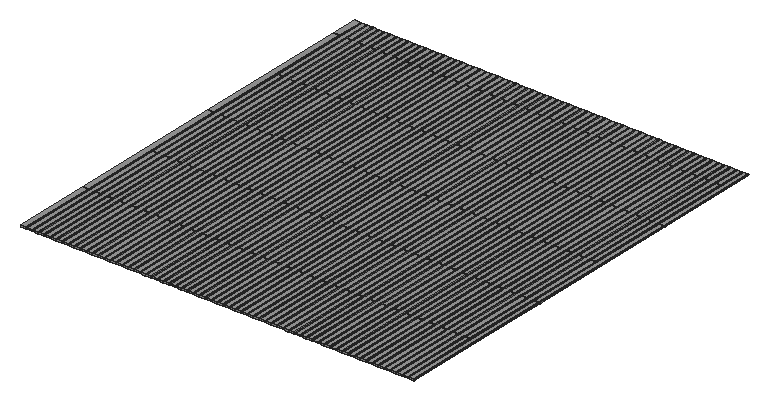
Revit family "2414-4, Veneer", category Generic Models, host Ceiling, Revit 2020
Family settings
  Host = Ceiling
  Can host rebar = No
  Round Connector Dimension = Use Diameter
  Part Type = Normal
  Always vertical = Yes
  Cut with Voids When Loaded = No
  Shared = No
  Room Calculation Point = No
Parameters
  OC SPACING [instance] = .. MEMBER WIDTH - 0' 0 1/4" - 0' 0 3/256"  # 0' - 2 189/256"
  PROJECT WIDTH [instance] = 15' - 0"
  PROJECT LENGTH [instance] = 16' - 0"
  PANELS COUNT 2 [instance] = rounddown((PROJECT LENGTH - .. MEMBER LENGTH 3) / .. MEMBER LENGTH 2)  # 2
  PANELS COUNT [instance] = rounddown(PROJECT LENGTH / .. MEMBER LENGTH 2)  # 2
  MEMBER WIDTH COUNT 2 [instance] = (PROJECT WIDTH / OC SPACING) / 2  # 33
  .. MEMBER WIDTH COUNT [instance] = (PROJECT WIDTH / OC SPACING) / 2  # 33
  .. MEMBER MATERIAL [instance] = Solid Western Hemlock
  .. MEMBER LENGTH 4 [instance] = ((PROJECT LENGTH - .. MEMBER LENGTH 3) - (PANELS COUNT 2 * .. MEMBER LENGTH 2))  # 1' - 0"
  .. MEMBER LENGTH 3 [instance] = .. MEMBER LENGTH 2 / 2  # 3' - 0"
  Default Elevation = 0' - 0"
  .. MEMBER WIDTH [instance] = 0' - 3"  # constant formula
  .. MEMBER LENGTH 2 [instance] = 6' - 0"
  .. MEMBER LENGTH [instance] = PROJECT LENGTH - (PANELS COUNT * .. MEMBER LENGTH 2)  # 4' - 0"
  .. MEMBER DEPTH [instance] = 0' - 0 3/4"  # constant formula
Reference planes (in)
  plane 1 "Center (Front/Back)": y = 0
  plane 2 "Ceiling": z = 96
  plane 3 "Center (Left/Right)": x = 0
  plane 4: y = 72
  plane 5: y = 144
  plane 6: y = 108
  plane 7: y = 36
  plane 8: y = 192
  plane 9: y = 144
  plane 10: y = 180
  plane 11: x = 180
  plane 12: x = 2.73828
Dimensions and locks (in)
  equal spacing: host sketch curve, plane 3 "Center (Left/Right)", host sketch curve
  equal spacing: host sketch curve, plane 1 "Center (Front/Back)", host sketch curve
  host sketch curve to host sketch curve = 10' - 0"  (x2)
  group 1 to group 2 = 0' - 0"  (x2)
  group 1 to group 2 = 6' - 0"
  ".. MEMBER LENGTH 2": plane 5 to plane 4
  ".. MEMBER LENGTH 2": plane 6 to plane 7
  "PROJECT LENGTH": plane 1 "Center (Front/Back)" to plane 8
  group 3 to group 4 = 0' - 0"  (x2)
  group 3 to group 4 = 6' - 0"
  ".. MEMBER LENGTH 3": plane 1 "Center (Front/Back)" to plane 7
  ".. MEMBER LENGTH 2": plane 1 "Center (Front/Back)" to plane 4
  ".. MEMBER LENGTH": plane 8 to plane 9
  ".. MEMBER LENGTH 4": plane 8 to plane 10
  "PROJECT WIDTH": plane 3 "Center (Left/Right)" to plane 11
  "OC SPACING": plane 3 "Center (Left/Right)" to plane 12
  aligned and locked: plane 1 "Center (Front/Back)" to nested 1
  aligned and locked: plane 4 to nested 2
  aligned and locked: nested 4 to plane 4
  aligned and locked: plane 7 to nested 3
  aligned and locked: plane 6 to nested 3
  aligned and locked: nested 6 to plane 6
  aligned and locked: nested 5 to plane 9
  aligned and locked: nested 7 to plane 10
  aligned and locked: plane 12 to nested 2
  aligned and locked: plane 12 to nested 4
  aligned and locked: plane 12 to nested 5
Nested families (in)
  nested 1: "(COPY 1) 2300 STAGGERED" at (0, 0, 85.44644), .. MEMBER DEPTH <- ".. MEMBER DEPTH", .. MEMBER WIDTH <- ".. MEMBER WIDTH", MEMBER LENGTH <- ".. MEMBER LENGTH 3", REVEAL <- "OC SPACING", MEMBER 1 COUNT <- ".. MEMBER WIDTH COUNT", .. MEMBER MATERIAL <- ".. MEMBER MATERIAL", type "(COPY 1) 2300 STAGGERED"
    with REVEAL X2 0' - 5 61/128", REVEAL 0' - 2 189/256", MEMBER LENGTH 2 1' - 6", MEMBER LENGTH 3' - 0", MEMBER COUNT 2 5, MEMBER 1 COUNT 33, INDENT 0' - 0 5/8", .. MEMBER WIDTH 0' - 3", .. MEMBER MATERIAL Solid Western Hemlock, .. MEMBER DEPTH 0' - 0 3/4"
  nested 2: "(COPY 1) 2300 STAGGERED" at (2.73828, 0, 85.44644), .. MEMBER DEPTH <- ".. MEMBER DEPTH", .. MEMBER WIDTH <- ".. MEMBER WIDTH", MEMBER LENGTH <- ".. MEMBER LENGTH 2", MEMBER 1 COUNT <- "MEMBER WIDTH COUNT 2", REVEAL <- "OC SPACING", .. MEMBER MATERIAL <- ".. MEMBER MATERIAL", type "(COPY 1) 2300 STAGGERED"
    with REVEAL X2 0' - 5 61/128", REVEAL 0' - 2 189/256", MEMBER LENGTH 2 3' - 0", MEMBER LENGTH 6' - 0", MEMBER COUNT 2 5, MEMBER 1 COUNT 33, INDENT 0' - 0 5/8", .. MEMBER WIDTH 0' - 3", .. MEMBER MATERIAL Solid Western Hemlock, .. MEMBER DEPTH 0' - 0 3/4"
  nested 3: "(COPY 1) 2300 STAGGERED" at (0, 36, 85.44644), .. MEMBER DEPTH <- ".. MEMBER DEPTH", .. MEMBER WIDTH <- ".. MEMBER WIDTH", MEMBER LENGTH <- ".. MEMBER LENGTH 2", MEMBER 1 COUNT <- ".. MEMBER WIDTH COUNT", REVEAL <- "OC SPACING", .. MEMBER MATERIAL <- ".. MEMBER MATERIAL", type "(COPY 1) 2300 STAGGERED"
    with REVEAL X2 0' - 5 61/128", REVEAL 0' - 2 189/256", MEMBER LENGTH 2 3' - 0", MEMBER LENGTH 6' - 0", MEMBER COUNT 2 5, MEMBER 1 COUNT 33, INDENT 0' - 0 5/8", .. MEMBER WIDTH 0' - 3", .. MEMBER MATERIAL Solid Western Hemlock, .. MEMBER DEPTH 0' - 0 3/4"
  nested 4: "(COPY 1) 2300 STAGGERED" at (2.73828, 72, 85.44644), .. MEMBER DEPTH <- ".. MEMBER DEPTH", .. MEMBER WIDTH <- ".. MEMBER WIDTH", MEMBER LENGTH <- ".. MEMBER LENGTH 2", MEMBER 1 COUNT <- "MEMBER WIDTH COUNT 2", REVEAL <- "OC SPACING", .. MEMBER MATERIAL <- ".. MEMBER MATERIAL", type "(COPY 1) 2300 STAGGERED"
    with REVEAL X2 0' - 5 61/128", REVEAL 0' - 2 189/256", MEMBER LENGTH 2 3' - 0", MEMBER LENGTH 6' - 0", MEMBER COUNT 2 5, MEMBER 1 COUNT 33, INDENT 0' - 0 5/8", .. MEMBER WIDTH 0' - 3", .. MEMBER MATERIAL Solid Western Hemlock, .. MEMBER DEPTH 0' - 0 3/4"
  nested 5: "(COPY 1) 2300 STAGGERED" at (2.73828, 144, 85.44644), .. MEMBER DEPTH <- ".. MEMBER DEPTH", .. MEMBER WIDTH <- ".. MEMBER WIDTH", MEMBER LENGTH <- ".. MEMBER LENGTH", REVEAL <- "OC SPACING", MEMBER 1 COUNT <- "MEMBER WIDTH COUNT 2", .. MEMBER MATERIAL <- ".. MEMBER MATERIAL", type "(COPY 1) 2300 STAGGERED"
    with REVEAL X2 0' - 5 61/128", REVEAL 0' - 2 189/256", MEMBER LENGTH 2 2' - 0", MEMBER LENGTH 4' - 0", MEMBER COUNT 2 5, MEMBER 1 COUNT 33, INDENT 0' - 0 5/8", .. MEMBER WIDTH 0' - 3", .. MEMBER MATERIAL Solid Western Hemlock, .. MEMBER DEPTH 0' - 0 3/4"
  nested 6: "(COPY 1) 2300 STAGGERED" at (0, 108, 85.44644), .. MEMBER DEPTH <- ".. MEMBER DEPTH", .. MEMBER WIDTH <- ".. MEMBER WIDTH", MEMBER LENGTH <- ".. MEMBER LENGTH 2", MEMBER 1 COUNT <- ".. MEMBER WIDTH COUNT", REVEAL <- "OC SPACING", .. MEMBER MATERIAL <- ".. MEMBER MATERIAL", type "(COPY 1) 2300 STAGGERED"
    with REVEAL X2 0' - 5 61/128", REVEAL 0' - 2 189/256", MEMBER LENGTH 2 3' - 0", MEMBER LENGTH 6' - 0", MEMBER COUNT 2 5, MEMBER 1 COUNT 33, INDENT 0' - 0 5/8", .. MEMBER WIDTH 0' - 3", .. MEMBER MATERIAL Solid Western Hemlock, .. MEMBER DEPTH 0' - 0 3/4"
  nested 7: "(COPY 1) 2300 STAGGERED" at (0, 180, 85.44644), .. MEMBER DEPTH <- ".. MEMBER DEPTH", .. MEMBER WIDTH <- ".. MEMBER WIDTH", MEMBER LENGTH <- ".. MEMBER LENGTH 4", REVEAL <- "OC SPACING", MEMBER 1 COUNT <- ".. MEMBER WIDTH COUNT", .. MEMBER MATERIAL <- ".. MEMBER MATERIAL", type "(COPY 1) 2300 STAGGERED"
    with REVEAL X2 0' - 5 61/128", REVEAL 0' - 2 189/256", MEMBER LENGTH 2 0' - 6", MEMBER LENGTH 1' - 0", MEMBER COUNT 2 3, MEMBER 1 COUNT 33, INDENT 0' - 0 5/8", .. MEMBER WIDTH 0' - 3", .. MEMBER MATERIAL Solid Western Hemlock, .. MEMBER DEPTH 0' - 0 3/4"
Definition of nested family "(COPY 1) 2300 STAGGERED"
  Parameters (values of type "(COPY 1) 2300 STAGGERED")
    REVEAL X2 [instance] = REVEAL * 2  # 0' - 8"
    REVEAL [instance] = 0' - 4"
    MEMBER LENGTH 2 [instance] = MEMBER LENGTH / 2  # 3' - 0"
    MEMBER LENGTH [instance] = 6' - 0"
    MEMBER COUNT 2 [instance] = 5
    MEMBER 1 COUNT [instance] = 5
    INDENT [instance] = 0' - 0 5/8"
    Default Elevation = 0' - 0"
    .. MEMBER WIDTH [instance] = 0' - 3 1/4"
    .. MEMBER MATERIAL [instance] = none
    .. MEMBER DEPTH [instance] = 0' - 0 3/4"
  Reference planes (in)
    plane 1 "Center (Front/Back)": y = 0
    plane 2: z = 0
    plane 3 "Center (Left/Right)": x = 0
    plane 4: x = 8
    plane 5: x = 4
    plane 6: x = 12
  Dimensions and locks (in)
    "REVEAL X2": plane 3 "Center (Left/Right)" to plane 4
    "REVEAL": plane 3 "Center (Left/Right)" to plane 5
    "REVEAL X2": plane 5 to plane 6
    equal spacing: group 1, group 2, group 3, group 4, group 5  (x3)
    aligned and locked: plane 2 to level
    aligned and locked: plane 1 "Center (Front/Back)" to nested 1
    aligned and locked: nested 1 to plane 3 "Center (Left/Right)"
    aligned and locked: nested 2 to plane 4
  Nested families (in)
    nested 1: "2300 DEV" at (-0.25432, 0, 0), MEMBER LENGTH <- "MEMBER LENGTH", MEMBER MATERIAL <- ".. MEMBER MATERIAL", MEMBER WIDTH <- ".. MEMBER WIDTH", MEMBER DEPTH <- ".. MEMBER DEPTH", INDENT <- "INDENT", type "2300 DEV"
      with MEMBER WIDTH 0' - 3 1/4", MEMBER MATERIAL none, MEMBER LENGTH 6' - 0", MEMBER DEPTH 0' - 0 3/4", INDENT 0' - 0 5/8", EXTRUSION -6' - 0"
    nested 2: "2300 DEV" at (7.74568, 0, 0), MEMBER LENGTH <- "MEMBER LENGTH", MEMBER MATERIAL <- ".. MEMBER MATERIAL", MEMBER WIDTH <- ".. MEMBER WIDTH", MEMBER DEPTH <- ".. MEMBER DEPTH", INDENT <- "INDENT", type "2300 DEV"
      with MEMBER WIDTH 0' - 3 1/4", MEMBER MATERIAL none, MEMBER LENGTH 6' - 0", MEMBER DEPTH 0' - 0 3/4", INDENT 0' - 0 5/8", EXTRUSION -6' - 0"
    nested 3: "2300 DEV" at (15.74568, 0, 0), MEMBER LENGTH <- "MEMBER LENGTH", MEMBER MATERIAL <- ".. MEMBER MATERIAL", MEMBER WIDTH <- ".. MEMBER WIDTH", MEMBER DEPTH <- ".. MEMBER DEPTH", INDENT <- "INDENT", type "2300 DEV"
      with MEMBER WIDTH 0' - 3 1/4", MEMBER MATERIAL none, MEMBER LENGTH 6' - 0", MEMBER DEPTH 0' - 0 3/4", INDENT 0' - 0 5/8", EXTRUSION -6' - 0"
    nested 4: "2300 DEV" at (23.74568, 0, 0), MEMBER LENGTH <- "MEMBER LENGTH", MEMBER MATERIAL <- ".. MEMBER MATERIAL", MEMBER WIDTH <- ".. MEMBER WIDTH", MEMBER DEPTH <- ".. MEMBER DEPTH", INDENT <- "INDENT", type "2300 DEV"
      with MEMBER WIDTH 0' - 3 1/4", MEMBER MATERIAL none, MEMBER LENGTH 6' - 0", MEMBER DEPTH 0' - 0 3/4", INDENT 0' - 0 5/8", EXTRUSION -6' - 0"
    nested 5: "2300 DEV" at (31.74568, 0, 0), MEMBER LENGTH <- "MEMBER LENGTH", MEMBER MATERIAL <- ".. MEMBER MATERIAL", MEMBER WIDTH <- ".. MEMBER WIDTH", MEMBER DEPTH <- ".. MEMBER DEPTH", INDENT <- "INDENT", type "2300 DEV"
      with MEMBER WIDTH 0' - 3 1/4", MEMBER MATERIAL none, MEMBER LENGTH 6' - 0", MEMBER DEPTH 0' - 0 3/4", INDENT 0' - 0 5/8", EXTRUSION -6' - 0"
  Definition of nested family "2300 DEV"
    Parameters (values of type "2300 DEV")
      MEMBER WIDTH [instance] = 0' - 2 1/4"
      MEMBER MATERIAL [instance] = none
      MEMBER LENGTH [instance] = 2' - 6"
      MEMBER DEPTH [instance] = 0' - 0 5/8"
      INDENT [instance] = 0' - 0 5/8"
      EXTRUSION [instance] = -1 * MEMBER LENGTH  # -2' - 6"
      Default Elevation = 0' - 0"
    Reference planes (in)
      plane 1 "Center (Front/Back)": y = 0
      plane 2: z = 10.55356
      plane 3 "Center (Left/Right)": x = 0
      plane 4: y = 30
      plane 5: z = 10.55356
      plane 6: x = 0.25432
      plane 7: x = 2.50432
      plane 8: x = 2.82058
      plane 9: z = 9.92856
      plane 10: z = 10.17856
    Forms (in)
      Extrusion 1, void, not visible
        sketch origin (-0.375, 0, 0) x (1, 0, 0) y (0, 0, 1)
          loop
            line (4.125, 11.30356) -> (4.125, 11.17856) -> (4.0625, 11.11606) -> (3.75, 11.11606) -> (3.75, 10.92856) -> (4.25, 10.92856) -> (4.65478, 10.92856) -> (4.65478, 11.30356) -> (4.25, 11.30356) -> (4.125, 11.30356)
        from 0 to 30
      Extrusion 2, void, not visible
        sketch origin (4.5, 0, 0) x (-1, 0, 0) y (0, 0, 1)
          loop
            line (4.5, 11.30356) -> (4.25, 11.30356) -> (4.25, 11.17856) -> (4.1875, 11.11606) -> (3.875, 11.11606) -> (3.875, 10.92856) -> (4.78125, 10.92856) -> (4.78125, 11.30356) -> (4.5, 11.30356)
        from 0 to 30
      Extrusion 3, void, not visible
        sketch origin (0, 0, 0) x (1, 0, 0) y (0, 0, 1)
          loop
            line (2.53125, 10.55356) -> (2, 10.55356) -> (2, 10.42856) -> (1.9375, 10.36606) -> (1.625, 10.36606) -> (1.625, 10.17856) -> (2.53125, 10.17856) -> (2.53125, 10.55356)
        from 0 to 12
      Extrusion 4, void
        sketch origin (-5.34896, 0, 0) x (1, 0, 0) y (0, 0, 1)
          loop
            line (5.92291, 10.42856) -> (5.60328, 10.42856) -> (5.60328, 10.55356) -> (5.34896, 10.55356) -> (5.34896, 9.92856) -> (5.34896, 9.52296) -> (5.60291, 9.52296) -> (5.60291, 9.99136) -> (5.60291, 10.17856) -> (5.92291, 10.17856) -> (5.92291, 10.42856)
        from 0 to -30 <- "EXTRUSION"
      Extrusion 5, void
        sketch origin (-6.35859, 0, 0) x (1, 0, 0) y (0, 0, 1)
          loop
            line (8.60291, 10.17856) -> (8.60291, 9.99106) -> (8.60291, 9.52296) -> (9.17917, 9.52296) -> (9.17917, 9.92856) -> (9.17917, 10.55356) -> (8.56291, 10.55356) -> (8.56291, 10.38856) -> (8.80041, 10.38856)
            arc (8.80041, 10.38856) -> (8.8446, 10.37025) -> (8.86291, 10.32606) r 0.0625
            line (8.86291, 10.32606) -> (8.86291, 10.24106)
            arc (8.86291, 10.24106) -> (8.8446, 10.19686) -> (8.80041, 10.17856) r 0.0625
            line (8.80041, 10.17856) -> (8.60291, 10.17856)
        from 0 to -30 <- "EXTRUSION"
      Extrusion 6, solid, material <- "MEMBER MATERIAL"
        sketch origin (-5.34896, 0, 0) x (1, 0, 0) y (0, 0, 1)
          loop
            line (5.60328, 10.55356) -> (5.60328, 9.92856) -> (7.85328, 9.92856) -> (7.85328, 10.55356) -> (5.60328, 10.55356)
        from 0 to -30
      Extrusion 7, void, not visible
        sketch origin (0, 0, 0) x (1, 0, 0) y (0, 0, 1)
          loop
            line (8.60291, 10.17856) -> (8.60291, 9.99106) -> (8.54041, 9.92856) -> (9.17917, 9.92856) -> (9.17917, 10.55356) -> (8.56291, 10.55356) -> (8.56291, 10.38856) -> (8.80041, 10.38856)
            arc (8.80041, 10.38856) -> (8.8446, 10.37025) -> (8.86291, 10.32606) r 0.0625
            line (8.86291, 10.32606) -> (8.86291, 10.24106)
            arc (8.86291, 10.24106) -> (8.8446, 10.19686) -> (8.80041, 10.17856) r 0.0625
            line (8.80041, 10.17856) -> (8.60291, 10.17856)
        from 0 to -30
      Extrusion 8, void, not visible
        sketch origin (-0.54718, 0, 0) x (1, 0, 0) y (0, 0, 1)
          loop
            line (8.60291, 10.17856) -> (8.60291, 9.99106) -> (8.60291, 9.52296) -> (9.17917, 9.52296) -> (9.17917, 9.92856) -> (9.17917, 10.55356) -> (8.56291, 10.55356) -> (8.56291, 10.38856) -> (8.80041, 10.38856)
            arc (8.80041, 10.38856) -> (8.8446, 10.37025) -> (8.86291, 10.32606) r 0.0625
            line (8.86291, 10.32606) -> (8.86291, 10.24106)
            arc (8.86291, 10.24106) -> (8.8446, 10.19686) -> (8.80041, 10.17856) r 0.0625
            line (8.80041, 10.17856) -> (8.60291, 10.17856)
        from 0 to -30 <- "EXTRUSION"
      Extrusion 9, void
        sketch origin (0, 0, 0) x (1, 0, 0) y (0, 0, 1)
          loop
            line (0.25432, 9.92856) -> (0.31682, 9.92856) -> (0.25432, 9.99106) -> (0.25432, 9.92856)
        from -30 to 0
      Extrusion 10, void
        sketch origin (2.49864, 0, -0.0153) x (-1, 0, 0) y (0, 0, -1)
          loop
            line (0.25432, -9.94385) -> (0.25432, -10.00635) -> (0.31682, -9.94385) -> (0.25432, -9.94385)
        from -30 to 0
      Extrusion 11, void, not visible
        sketch origin (-5.34896, -6, 0) x (1, 0, 0) y (0, 0, 1)
          loop
            line (5.92291, 10.42856) -> (5.60328, 10.42856) -> (5.60328, 10.55356) -> (5.34896, 10.55356) -> (5.34896, 9.92856) -> (5.34896, 9.52296) -> (5.60291, 9.52296) -> (5.60291, 9.99136) -> (5.60291, 10.17856) -> (5.92291, 10.17856) -> (5.92291, 10.42856)
        from 0 to -30 <- "EXTRUSION"
    Cuts and joins
      Extrusion 4, Extrusion 5, Extrusion 9, Extrusion 10 cuts Extrusion 6
    Lines and regions (in)
      model lines, not visible
        curve 1: line (9.45582, 0, 10.55356) -> (14.70582, 0, 10.55356)
        curve 2: line (14.70582, 0, 10.55356) -> (14.70582, 0, 10.92856)
        curve 3: line (14.70582, 0, 10.92856) -> (14.20582, 0, 10.92856)
        curve 4: line (14.20582, 0, 10.92856) -> (14.20582, 0, 11.11606)
        curve 5: line (14.20582, 0, 11.11606) -> (14.51832, 0, 11.11606)
        curve 6: line (14.58082, 0, 11.30356) -> (14.58082, 0, 11.17856)
        curve 7: line (14.58082, 0, 11.17856) -> (14.51832, 0, 11.11606)
        curve 8: line (14.58082, 0, 11.30356) -> (9.58082, 0, 11.30356)
        curve 9: line (9.45582, 0, 10.55356) -> (9.45582, 0, 10.92856)
        curve 10: line (9.45582, 0, 10.92856) -> (9.95582, 0, 10.92856)
        curve 11: line (9.95582, 0, 10.92856) -> (9.95582, 0, 11.11606)
        curve 12: line (9.95582, 0, 11.11606) -> (9.64332, 0, 11.11606)
        curve 13: line (9.58082, 0, 11.30356) -> (9.58082, 0, 11.17856)
        curve 14: line (9.58082, 0, 11.17856) -> (9.64332, 0, 11.11606)
        curve 15: line (5.25, 0, 10.55356) -> (5.25, 0, 10.92856)
        curve 16: line (5.25, 0, 10.92856) -> (4.75, 0, 10.92856)
        curve 17: line (4.75, 0, 10.92856) -> (4.75, 0, 11.11606)
        curve 18: line (4.75, 0, 11.11606) -> (5.0625, 0, 11.11606)
        curve 19: line (5.125, 0, 11.30356) -> (5.125, 0, 11.17856)
        curve 20: line (5.125, 0, 11.17856) -> (5.0625, 0, 11.11606)
    Dimensions and locks (in)
      "MEMBER LENGTH": plane 1 "Center (Front/Back)" to plane 4
      locked: plane 8 to plane 7 at 0.31626
      "MEMBER WIDTH": plane 7 to plane 6
      locked: plane 6 to plane 3 "Center (Left/Right)" at 0.25432
      level to plane 9 = 0' - 0 5/8"
      locked: level to plane 10 at 0.375
      aligned and locked: level to plane 2
      aligned and locked: plane 4 to Extrusion 6
      aligned and locked: plane 6 to Extrusion 6
      aligned and locked: plane 6 to Extrusion 4
      aligned and locked: plane 7 to Extrusion 6
      aligned and locked: plane 8 to Extrusion 5
      aligned and locked: plane 9 to Extrusion 6
      aligned and locked: Extrusion 9 to plane 9
      aligned and locked: Extrusion 10 to plane 9
      aligned and locked: plane 4 to Extrusion 9
      aligned and locked: plane 1 "Center (Front/Back)" to Extrusion 9
      aligned and locked: plane 4 to Extrusion 10
      aligned and locked: plane 1 "Center (Front/Back)" to Extrusion 10
      aligned and locked: plane 10 to Extrusion 4
      aligned and locked: plane 1 "Center (Front/Back)" to Extrusion 5
    Automatic sketch dimensions
      Extrusion 1 sketch curve to Extrusion 1 sketch curve = 0' - 0 1/16"  (x2)
      Extrusion 1 sketch curve to Extrusion 1 sketch curve = 0' - 0.40478"
      Extrusion 1 sketch curve to Extrusion 1 sketch curve = 0' - 0 3/16"  (x2)
      Extrusion 1 sketch curve to Extrusion 1 sketch curve = 0' - 0 1/8"  (x2)
      Extrusion 1 sketch curve to Extrusion 1 sketch curve = 0' - 0 5/16"
      Extrusion 2 sketch curve to Extrusion 2 sketch curve = 0' - 0 3/16"  (x2)
      Extrusion 2 sketch curve to Extrusion 2 sketch curve = 0' - 0 1/16"  (x2)
      Extrusion 2 sketch curve to Extrusion 2 sketch curve = 0' - 0 9/32"
      Extrusion 2 sketch curve to Extrusion 2 sketch curve = 0' - 0 1/4"
      Extrusion 2 sketch curve to Extrusion 2 sketch curve = 0' - 0 5/16"
      Extrusion 3 sketch curve to Extrusion 3 sketch curve = 0' - 0 5/16"
      Extrusion 3 sketch curve to Extrusion 3 sketch curve = 0' - 0 1/16"  (x2)
      Extrusion 3 sketch curve to Extrusion 3 sketch curve = 0' - 0 3/16"
      Extrusion 3 sketch curve to Extrusion 3 sketch curve = 0' - 0 17/32"
      Extrusion 3 sketch curve to Extrusion 3 sketch curve = 0' - 0 3/8"
      Extrusion 7 sketch curve to Extrusion 7 sketch curve = 0' - 0 1/16"  (x4)
      Extrusion 7 sketch curve to Extrusion 7 sketch curve = 0' - 0.1975"
      Extrusion 7 sketch curve to Extrusion 7 sketch curve = 0' - 0.2375"
      Extrusion 7 sketch curve to Extrusion 7 sketch curve = 0' - 0.085"
      Extrusion 7 sketch curve to Extrusion 7 sketch curve = 0' - 0 3/16"
      Extrusion 7 sketch curve to Extrusion 7 sketch curve = 0' - 0.31626"
      Extrusion 7 sketch curve to Extrusion 7 sketch curve = 0' - 0.2275"
      Extrusion 5 sketch curve to Extrusion 5 sketch curve = 0' - 0.04"
      Extrusion 5 sketch curve to Extrusion 5 sketch curve = 0' - 0.2375"
      Extrusion 5 sketch curve to Extrusion 5 sketch curve = 0' - 0"
      Extrusion 5 sketch curve to Extrusion 5 sketch curve = 0' - 0 1/16"
      Extrusion 5 sketch curve to Extrusion 5 sketch curve = 0' - 0.31626"
      Extrusion 5 sketch curve to Extrusion 5 sketch curve = 0' - 0.4681"
      Extrusion 5 sketch curve to Extrusion 5 sketch curve = 0' - 0 3/16"
      Extrusion 5 sketch curve to Extrusion 5 sketch curve = 0' - 0.085"
      Extrusion 5 sketch curve to Extrusion 5 sketch curve = 0' - 0.2275"
      Extrusion 5 sketch curve to Extrusion 5 sketch curve = 0' - 0.4056"
      Extrusion 8 sketch curve to Extrusion 8 sketch curve = 0' - 0.04"
      Extrusion 8 sketch curve to Extrusion 8 sketch curve = 0' - 0.2375"
      Extrusion 8 sketch curve to Extrusion 8 sketch curve = 0' - 0"
      Extrusion 8 sketch curve to Extrusion 8 sketch curve = 0' - 0 1/16"
      Extrusion 8 sketch curve to Extrusion 8 sketch curve = 0' - 0.31626"
      Extrusion 8 sketch curve to Extrusion 8 sketch curve = 0' - 0.4681"
      Extrusion 8 sketch curve to Extrusion 8 sketch curve = 0' - 0 3/16"
      Extrusion 8 sketch curve to Extrusion 8 sketch curve = 0' - 0.085"
      Extrusion 8 sketch curve to Extrusion 8 sketch curve = 0' - 0.2275"
      Extrusion 8 sketch curve to Extrusion 8 sketch curve = 0' - 0.4056"
      Extrusion 6 sketch curve to plane 6 = 0' - 0"
      Extrusion 6 sketch curve to plane 7 = 0' - 0"
      Extrusion 6 sketch curve to plane 9 = 0' - 0"
      Extrusion 6 sketch curve to level = 0' - 0"
      Extrusion 9 sketch curve to plane 6 = 0' - 0"
      Extrusion 9 sketch curve to plane 9 = 0' - 0"
      plane 6 to Extrusion 9 sketch curve = 0' - 0 1/16"
      Extrusion 9 sketch curve to Extrusion 9 sketch curve = 0' - 0 1/16"
      plane 7 to Extrusion 10 sketch curve = 0' - 0.26"
      plane 9 to Extrusion 10 sketch curve = 0' - 0"
      Extrusion 10 sketch curve to Extrusion 10 sketch curve = 0' - 0 1/16"  (x2)
      Extrusion 4 sketch curve to Extrusion 4 sketch curve = 0' - 0.25395"
      Extrusion 4 sketch curve to Extrusion 4 sketch curve = 0' - 0.25432"
      Extrusion 4 sketch curve to Extrusion 4 sketch curve = 0' - 0.32"
      Extrusion 4 sketch curve to Extrusion 4 sketch curve = 0' - 0.4056"
      Extrusion 4 sketch curve to Extrusion 4 sketch curve = 0' - 0.06281"
      Extrusion 4 sketch curve to Extrusion 4 sketch curve = 0' - 0.18719"
      Extrusion 4 sketch curve to Extrusion 4 sketch curve = 0' - 0 1/4"
      Extrusion 4 sketch curve to Extrusion 4 sketch curve = 0' - 0 1/8"
      Extrusion 11 sketch curve to Extrusion 11 sketch curve = 0' - 0.25395"
      Extrusion 11 sketch curve to Extrusion 11 sketch curve = 0' - 0.25432"
      Extrusion 11 sketch curve to Extrusion 11 sketch curve = 0' - 0.32"
      Extrusion 11 sketch curve to Extrusion 11 sketch curve = 0' - 0.4056"
      Extrusion 11 sketch curve to Extrusion 11 sketch curve = 0' - 0.06281"
      Extrusion 11 sketch curve to Extrusion 11 sketch curve = 0' - 0.18719"
      Extrusion 11 sketch curve to Extrusion 11 sketch curve = 0' - 0 1/4"
      Extrusion 11 sketch curve to Extrusion 11 sketch curve = 0' - 0 1/8"
